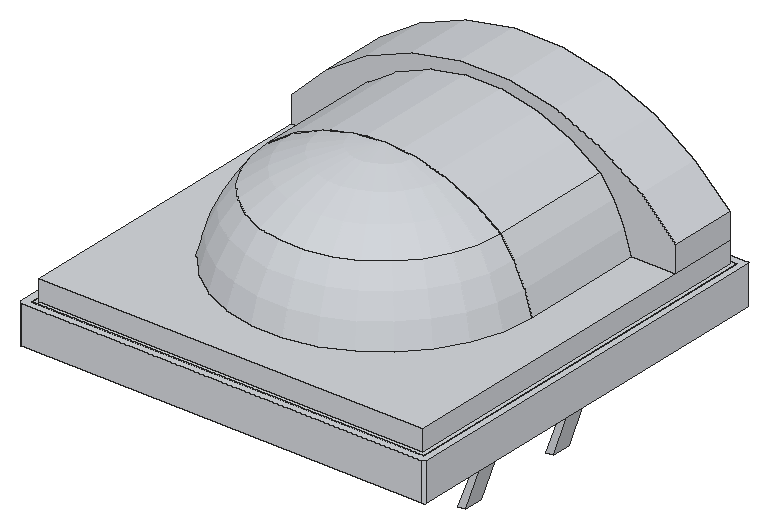
Revit family "Gira_537526", category Electrical Fixtures, host Face, Revit 2017
Family settings
  Host = Face
  Maintain Annotation Orientation = Yes
  Round Connector Dimension = Use Diameter
  Part Type = Normal
  Cut with Voids When Loaded = No
  Shared = No
  Room Calculation Point = No
Parameters (values of type "S3000 motion detec.top 2.20 m Standard System 55 c.alum.")
  URL = "http://katalog.gira.de/en/datenblatt.html?artikelnr=537526"
  Name = "S3000 motion detec.top 2.20 m Standard System 55 c.alum."
  Model = "Movement sensor"
  Manufacturer URL = "https://www.gira.de/"
  Manufacturer = "Gira"
  Keynote = ""
  HeinzeBIM = "https://bimportal.heinze.de/bim/s3000-motion-detec-top-2-20-m-standard-system-55-c-alum-/f6bb1524d292caec79401aa0640923ac547afd97"
  HAN = "537526"
  GTIN = "4010337051152"
  Description = "S3000 mot.det.top 2.20m Std Sys55 CAl,System 3000 motion detector top unit 2.20 m Standard,System 55,colour aluminium,Features:,- Automatic switching of lighting, depending on the movement of heat and ambient brightness.,- Operation with System 3000 switching or dimming insert or 3-wire auxiliary insert.,- Expansion of the detection range in combination with the 3-wire auxiliary insert.,- Adjustable brightness threshold.,- Sensitivity adjustable in four steps.,- When connecting a System 3000 auxiliary insert with an operating top unit or mechanical button to the main unit, the lighting can be switched on or dimmed for the duration of the delay time.,With System 3000 dimming insert:,- Switch on with the last brightness set, or a saved switch-on brightness.,- The switch-on brightness can only be saved permanently via the System 3000 auxiliary insert with operating top unit."
  Default Elevation = 1219.2 mm
  Data sheet (1) = "https://katalog.gira.de/en/download.html?artikelnr=537526"
  Category = "Sensor element for movement sensor"
  BIM (1) = "https://media.stage.bim.site/public/gira/36a6b08/Bewegungsmelder_2,20m.rfa"
  Available = "No"
Reference planes
  plane 1 "Center (Front/Back)": y = 0
  plane 2: z = 0
  plane 3 "Center (Left/Right)": x = 0
Forms (mm)
  Extrusion 1, solid, detail levels fine
    sketch origin (0, 0, 0) x (1, 0, 0) y (0, 0, 1)
      loop
        line (-33.25, 14.602) -> (-33.25, 10.1) -> (33.25, 10.1) -> (33.25, 14.602)
        arc (33.25, 14.602) -> (0, 30.256) -> (-33.25, 14.602) r 43.139
    from -33.25 to -21.609
  Extrusion 2, solid, detail levels fine
    sketch origin (0, 0, 0) x (1, 0, 0) y (0, 1, 0)
      loop
        line (-33.25, 33.25) -> (-33.25, -33.25) -> (33.25, -33.25) -> (33.25, 33.25) -> (-33.25, 33.25)
    from 6.6 to 10.1
  Extrusion 3, solid, detail levels fine
    sketch origin (0, 0, 0) x (1, 0, 0) y (0, 0, 1)
      loop
        arc (20.138, 21.225) -> (0, 28.457) -> (-20.138, 21.225) r 31.652
        arc (-20.138, 21.225) -> (-23.48, 15.984) -> (-25.486, 10.1) r 26.053
        line (-25.486, 10.1) -> (25.486, 10.1)
        arc (25.486, 10.1) -> (23.48, 15.984) -> (20.138, 21.225) r 26.053
    from -21.609 to 0
  Revolve 4, solid, detail levels fine
    sketch origin (0, 0, 0) x (1, 0, 0) y (0, 0, 1)
      loop
        arc (0, 28.457) -> (-10.699, 26.594) -> (-20.138, 21.225) r 31.652
        arc (-20.138, 21.225) -> (-23.48, 15.984) -> (-25.486, 10.1) r 26.053
        line (-25.486, 10.1) -> (0, 10.1) -> (0, 28.457)
      axis (0, 28.457) -> (0, 10.1)
    angle from -180 to 0
  Extrusion 5, solid, detail levels fine
    sketch origin (0, 0, 0) x (1, 0, 0) y (0, 1, 0)
      loop
        spline (-34.7, 35.2) -> (-34.765, 35.196) -> (-34.829, 35.183) -> (-34.891, 35.162) -> (-34.95, 35.133) -> (-35.004, 35.097) -> (-35.054, 35.054) -> (-35.097, 35.004) -> (-35.133, 34.95) -> (-35.162, 34.891) -> (-35.183, 34.829) -> (-35.196, 34.765) -> (-35.2, 34.7)
        line (-35.2, 34.7) -> (-35.2, -34.7)
        spline (-35.2, -34.7) -> (-35.196, -34.765) -> (-35.183, -34.829) -> (-35.162, -34.891) -> (-35.133, -34.95) -> (-35.097, -35.004) -> (-35.054, -35.054) -> (-35.004, -35.097) -> (-34.95, -35.133) -> (-34.891, -35.162) -> (-34.829, -35.183) -> (-34.765, -35.196) -> (-34.7, -35.2)
        line (-34.7, -35.2) -> (34.7, -35.2)
        spline (34.7, -35.2) -> (34.765, -35.196) -> (34.829, -35.183) -> (34.891, -35.162) -> (34.95, -35.133) -> (35.004, -35.097) -> (35.054, -35.054) -> (35.097, -35.004) -> (35.133, -34.95) -> (35.162, -34.891) -> (35.183, -34.829) -> (35.196, -34.765) -> (35.2, -34.7)
        line (35.2, -34.7) -> (35.2, 34.7)
        spline (35.2, 34.7) -> (35.196, 34.765) -> (35.183, 34.829) -> (35.162, 34.891) -> (35.133, 34.95) -> (35.097, 35.004) -> (35.054, 35.054) -> (35.004, 35.097) -> (34.95, 35.133) -> (34.891, 35.162) -> (34.829, 35.183) -> (34.765, 35.196) -> (34.7, 35.2)
        line (34.7, 35.2) -> (-34.7, 35.2)
      loop
        line (-33.986, 33.986) -> (-33.986, -33.986) -> (33.986, -33.986) -> (33.986, 33.986) -> (-33.986, 33.986)
    from 0 to 6.6
  Extrusion 6, solid, detail levels fine
    sketch origin (0, 0, 0) x (1, 0, 0) y (0, 1, 0)
      loop
        line (-33.986, 33.986) -> (-33.986, -33.986) -> (33.986, -33.986) -> (33.986, 33.986) -> (-33.986, 33.986)
    from 5 to 6.6
  Extrusion 7, solid
    sketch origin (0, 0, 0) x (1, 0, 0) y (0, 1, 0)
      loop
        line (-23.656, 22.752) -> (-23.656, -22.748)
        arc (-23.656, -22.748) -> (-23.409, -23.369) -> (-22.801, -23.65) r 0.904
        line (-22.801, -23.65) -> (22.796, -23.65)
        arc (22.796, -23.65) -> (23.404, -23.369) -> (23.656, -22.748) r 0.904
        line (23.656, -22.748) -> (23.652, 22.752)
        arc (23.652, 22.752) -> (23.404, 23.374) -> (22.796, 23.655) r 0.904
        line (22.796, 23.655) -> (-22.801, 23.655)
        arc (-22.801, 23.655) -> (-23.409, 23.374) -> (-23.656, 22.752) r 0.904
    from -3.2 to 5
  Extrusion 8, solid, detail levels fine
    sketch origin (0, 0, 0) x (1, 0, 0) y (0, 1, 0)
      loop
        line (-27.334, -25) -> (-26.366, -25) -> (-26.366, 26.298) -> (26.366, 26.298) -> (26.366, -25) -> (27.334, -25) -> (27.334, 27.402) -> (-27.334, 27.402) -> (-27.334, -25)
    from -1.1 to 5
  Extrusion 9, solid, detail levels fine
    sketch origin (0, 0, 0) x (1, 0, 0) y (0, 1, 0)
      loop
        line (-5.141, 20.682) -> (-5.141, 15.098)
        spline (-5.141, 15.098) -> (-5.133, 14.968) -> (-5.107, 14.84) -> (-5.065, 14.716) -> (-5.007, 14.599) -> (-4.935, 14.49) -> (-4.849, 14.391) -> (-4.75, 14.305) -> (-4.641, 14.233) -> (-4.524, 14.175) -> (-4.4, 14.133) -> (-4.272, 14.107) -> (-4.142, 14.099)
        line (-4.142, 14.099) -> (4.142, 14.099)
        spline (4.142, 14.099) -> (4.272, 14.107) -> (4.4, 14.133) -> (4.524, 14.175) -> (4.641, 14.233) -> (4.75, 14.305) -> (4.849, 14.391) -> (4.935, 14.49) -> (5.007, 14.599) -> (5.065, 14.716) -> (5.107, 14.84) -> (5.133, 14.968) -> (5.141, 15.098)
        line (5.141, 15.098) -> (5.141, 20.682)
        spline (5.141, 20.682) -> (5.133, 20.812) -> (5.107, 20.94) -> (5.065, 21.064) -> (5.007, 21.181) -> (4.935, 21.29) -> (4.849, 21.389) -> (4.75, 21.475) -> (4.641, 21.547) -> (4.524, 21.605) -> (4.4, 21.647) -> (4.272, 21.673) -> (4.142, 21.681)
        line (4.142, 21.681) -> (-4.142, 21.681)
        spline (-4.142, 21.681) -> (-4.272, 21.673) -> (-4.4, 21.647) -> (-4.524, 21.605) -> (-4.641, 21.547) -> (-4.75, 21.475) -> (-4.849, 21.389) -> (-4.935, 21.29) -> (-5.007, 21.181) -> (-5.065, 21.064) -> (-5.107, 20.94) -> (-5.133, 20.812) -> (-5.141, 20.682)
    from -19.6 to -3.2
  Extrusion 10, solid, detail levels fine
    sketch origin (0, 0, 0) x (1, 0, 0) y (0, 0, 1)
      loop
        line (-24.966, -3.825) -> (-25.395, -8.726) -> (-23.048, -15.543) -> (-21.665, -15.713) -> (-24.338, -8.563) -> (-23.422, -1.1) -> (-25.014, -1.1) -> (-24.966, -3.825)
      loop
        line (24.966, -3.825) -> (25.014, -1.1) -> (23.422, -1.1) -> (24.338, -8.563) -> (21.665, -15.713) -> (23.048, -15.543) -> (25.395, -8.726) -> (24.966, -3.825)
    from -11.1 to -7.9
  Extrusion 11, solid, detail levels fine
    sketch origin (0, 0, 0) x (1, 0, 0) y (0, 0, -1)
      loop
        line (-24.966, 3.825) -> (-25.014, 1.1) -> (-23.422, 1.1) -> (-24.338, 8.563) -> (-21.665, 15.713) -> (-23.048, 15.543) -> (-25.395, 8.726) -> (-24.966, 3.825)
      loop
        line (24.966, 3.825) -> (25.395, 8.726) -> (23.048, 15.543) -> (21.665, 15.713) -> (24.338, 8.563) -> (23.422, 1.1) -> (25.014, 1.1) -> (24.966, 3.825)
    from -11.1 to -7.9
  Extrusion 12, solid
    sketch origin (0, 0, 0) x (1, 0, 0) y (0, 1, 0)
      loop
        line (-23.656, 22.752) -> (-23.656, -22.748)
        arc (-23.656, -22.748) -> (-23.409, -23.369) -> (-22.801, -23.65) r 0.904
        line (-22.801, -23.65) -> (22.796, -23.65)
        arc (22.796, -23.65) -> (23.404, -23.369) -> (23.656, -22.748) r 0.904
        line (23.656, -22.748) -> (23.652, 22.752)
        arc (23.652, 22.752) -> (23.404, 23.374) -> (22.796, 23.655) r 0.904
        line (22.796, 23.655) -> (-22.801, 23.655)
        arc (-22.801, 23.655) -> (-23.409, 23.374) -> (-23.656, 22.752) r 0.904
    from -3.2 to 5
  Extrusion 13, solid, detail levels medium
    sketch origin (0, 0, 0) x (1, 0, 0) y (0, 1, 0)
      loop
        line (-35.2, 35.2) -> (-35.2, -35.2) -> (35.2, -35.2) -> (35.2, 35.2) -> (-35.2, 35.2)
    from 0 to 6.6
  Extrusion 14, solid, detail levels medium
    sketch origin (0, 0, 0) x (1, 0, 0) y (0, 1, 0)
      loop
        line (-33.25, 33.25) -> (-33.25, -33.25) -> (33.25, -33.25) -> (33.25, 33.25) -> (-33.25, 33.25)
    from 6.6 to 30.256
  Extrusion 15, solid, detail levels medium
    sketch origin (0, 0, 0) x (1, 0, 0) y (0, 1, 0)
      loop
        line (-23.656, 23.655) -> (-23.656, -23.65) -> (23.656, -23.65) -> (23.656, 23.655) -> (-23.656, 23.655)
    from -3.2 to 5
  Extrusion 16, solid, detail levels medium
    sketch origin (0, 0, 0) x (1, 0, 0) y (0, 0, 1)
      loop
        line (-25.014, -1.1) -> (-25.014, -15.713) -> (-21.665, -15.713) -> (-21.665, -1.1) -> (-25.014, -1.1)
      loop
        line (25.014, -1.1) -> (21.665, -1.1) -> (21.665, -15.713) -> (25.014, -15.713) -> (25.014, -1.1)
    from -11.1 to -7.9
  Extrusion 17, solid, detail levels medium
    sketch origin (0, 0, 0) x (1, 0, 0) y (0, 0, -1)
      loop
        line (-25.014, 1.1) -> (-21.665, 1.1) -> (-21.665, 15.713) -> (-25.014, 15.713) -> (-25.014, 1.1)
      loop
        line (25.014, 1.1) -> (25.014, 15.713) -> (21.665, 15.713) -> (21.665, 1.1) -> (25.014, 1.1)
    from -11.1 to -7.9
  Extrusion 18, solid, detail levels medium
    sketch origin (0, 0, 0) x (1, 0, 0) y (0, 1, 0)
      loop
        line (-5.141, 14.099) -> (5.141, 14.099) -> (5.141, 21.681) -> (-5.141, 21.681) -> (-5.141, 14.099)
    from -19.6 to -3.2
  Extrusion 19, solid, detail levels coarse
    sketch origin (0, 0, 0) x (1, 0, 0) y (0, 1, 0)
      loop
        line (-35.2, 35.2) -> (-35.2, -35.2) -> (35.2, -35.2) -> (35.2, 35.2) -> (-35.2, 35.2)
    from -19.6 to 30.256
Dimensions and locks
  aligned and locked: plane 2 to host face
  aligned and locked: level to host face
  aligned and locked: nested 1 to plane 3 "Center (Left/Right)"
  aligned and locked: plane 1 "Center (Front/Back)" to nested 1
Nested families
  nested 1: "Belegungssensor - Bewegung - Aufputz - Beschriftung" at (0, 0, 0) x (0, -1, 0) z (0, 0, 1), type "Belegungssensor - Bewegung - Aufputz - Beschriftung"
Connectors
  electrical at (0, 0, -19.6)
    settings: on Extrusion 19, index 1, voltage 220 V, apparent load 0 VA, apparent load phase1 0 VA, apparent load phase2 0 VA, apparent load phase3 0 VA, power factor 1, load classification "Other", number of poles 1, system type 30, power factor state 1, is connector primary yes, connector utility no, sub classification motor no, connector description ""
Definition of nested family "Belegungssensor - Bewegung - Aufputz - Beschriftung"
  Reference planes
    plane 1: y = 0
    plane 2: x = 0
  Lines and regions (mm)
    Filled region 1, type "Gefüllter Bereich 1"
      outline origin (143.425, -20.712, 0) x (1, 0, 0) y (0, 1, 0)
        loop
          line (-148.697, 21.204) -> (-148.697, 20.409) -> (-147.583, 20.807) -> (-148.697, 21.204)
    Filled region 2, type "Gefüllter Bereich 1"
      outline origin (141.808, 30.001, 0) x (0.939693, 0.34202, 0) y (-0.34202, 0.939693, 0)
        loop
          line (-148.694, 21.203) -> (-148.694, 20.41) -> (-147.583, 20.807) -> (-148.694, 21.203)
    Filled region 3, type "Gefüllter Bereich 1"
      outline origin (141.819, -29.825, 0) x (-0.34202, -0.939693, 0) y (0.939693, -0.34202, 0)
        loop
          line (21.204, -148.697) -> (20.807, -147.583) -> (20.409, -148.697) -> (21.204, -148.697)
    detail lines
      curve 1: line (-1.207, 0.095, 0) -> (-3.486, 1.411, 0)
      curve 2: line (-1.207, 0.095, 0) -> (-3.486, -1.221, 0)
      curve 5: arc (-3.252, 1.752, 0) -> (-3.839, 0.095, 0) -> (-3.252, -1.562, 0) r 2.632
      curve 6: line (-6, 3, 0) -> (0, 3, 0)
      curve 7: line (-6, -3, 0) -> (-6, 3, 0)
      curve 8: line (0, -3, 0) -> (-6, -3, 0)
      curve 9: line (0, 3, 0) -> (0, -3, 0)
    reference lines
      curve 3: line (-1.207, 0.095, 0) -> (-3.616, 2.046, 0)
      curve 4: line (-1.207, 0.095, 0) -> (-3.616, -1.856, 0)
  Dimensions and locks
    curve 1 to curve 1 = 2.632 mm
    curve 2 to curve 2 = 2.632 mm
    curve 6 to curve 8 = 6 mm
    curve 7 to curve 9 = 6 mm
    angle curve 1 to curve 2 = 60.00°
    aligned and locked: curve 6 to curve 7
    aligned and locked: curve 9 to curve 9
